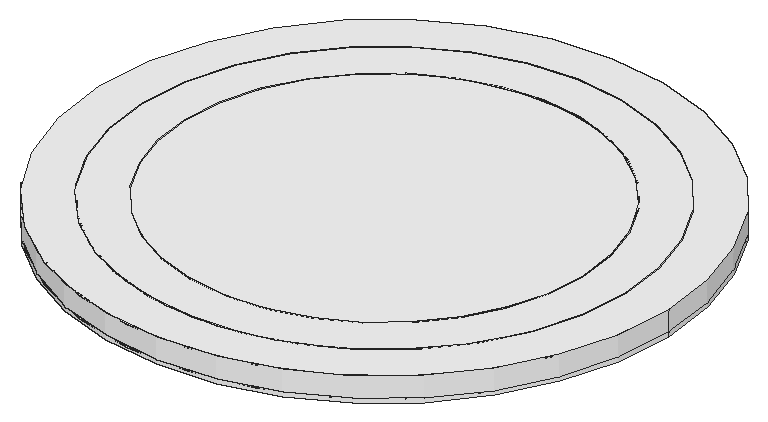
Revit family "Solar LED", category Lighting Fixtures, host Face, Revit 2016
Family settings
  Host = Face
  Part Type = Normal
  Round Connector Dimension = Use Diameter
  Cut with Voids When Loaded = Yes
  Light Source = Yes
  Shared = No
  Room Calculation Point = No
Parameters (values of type "Solar LED")
  Width = 400 mm
  Wattage Comments = ""
  Wattage = 20 W
  built-in parameter 1150110 = 1 (stored number, unit not read)
  URL = "www.southgatelighting.com"
  Type Image = <None>
  Type Comments = ""
  built-in parameter 1150109 = 1 (stored number, unit not read)
  built-in parameter 1150134 = 6
  built-in parameter 1150113 = 1 (stored number, unit not read)
  Model = "Solar LED"
  Middle Height = 280 mm
  Manufacturer = "Southgate Lighting"
  Lumens = 3000 lm
  built-in parameter 1114217 = 1 (stored number, unit not read)
  built-in parameter 1150115 = 1 (stored number, unit not read)
  built-in parameter 1150105 = 954.93 (stored number, unit not read)
  Light Source Symbol Size = 609.6 mm
  built-in parameter 1150137 = 1
  built-in parameter 1150139 = (empty or 0)
  built-in parameter 1150112 = 1 (stored number, unit not read)
  built-in parameter 1150114 = 1 (stored number, unit not read)
  Lamp = "LED"
  built-in parameter 1150132 = (empty or 0)
  built-in parameter 1150102 = (empty or 0)
  built-in parameter 1150138 = (empty or 0)
  built-in parameter 1150107 = 4000 (stored number, unit not read)
  built-in parameter 1150106 = 9.5493 (stored number, unit not read)
  Emit from Circle Diameter = 340 mm
  Emit Shape Visible in Rendering = no
  built-in parameter 1150104 = 13.935 (stored number, unit not read)
  Dimming Lamp Color Temperature Shift = <None>
  Description = "LED Surface"
  Depth = 33 mm
  Default Elevation = 1200 mm
  Color Filter = 16777215
  Classification.Uniclass.Ss.Number = ""
  Classification.Uniclass.Ss.Description = ""
  Classification.Uniclass.Pr.Number = "Pr_70_70_48_85"
  Classification.Uniclass.Pr.Description = "Surface luminaires"
  Classification.Uniclass.EF.Number = ""
  Classification.Uniclass.EF.Description = ""
  Classification.Space.Number = ""
  Classification.Space.Description = ""
  Classification.Facility.Number = ""
  Classification.Facility.Description = ""
  built-in parameter 1140040 [instance] = 1
  built-in parameter 1114218 = 1 (stored number, unit not read)
  built-in parameter 1150133 = 10 (stored number, unit not read)
  Assembly Code = "SGL/LED/4/XXXX/SOL"
  Apparent Load = 0 VA
Reference planes
  plane 1 "Center (Front/Back)": y = 0
  plane 2: z = 0
  plane 3 "Center (Left/Right)": x = 0
  plane 4: z = 33
  plane 5: z = 18.807
  plane 6: z = 15.942
Forms (mm)
  Extrusion 1, solid, material "Grey", not visible
    sketch origin (-101.981, -1076.075, 448.886) x (-1, 0, 0) y (0, -1, 0)
      loop
        line (-719.707, -50) -> (25.293, -50) -> (770.293, -50)
        arc (770.293, -50) -> (781.206, 0) -> (770.293, 50) r 120
        line (770.293, 50) -> (-719.707, 50)
        arc (-719.707, 50) -> (-730.62, 0) -> (-719.707, -50) r 120
    from 4.616 to 8.588
  Blend 2, solid, material "Grey", not visible
    base sketch origin (-101.981, -1076.075, 388.886) x (-1, 0, 0) y (0, -1, 0)
      loop
        arc (-718.038, 47) -> (-727.625, 0) -> (-718.038, -47) r 120
        line (-718.038, -47) -> (767.884, -47)
        arc (767.884, -47) -> (777.471, 0) -> (767.884, 47) r 120
        line (767.884, 47) -> (-718.038, 47)
    top sketch origin (-101.981, -1076.075, 399.076) x (-1, 0, 0) y (0, -1, 0)
      loop
        arc (737.942, -31.411) -> (742.126, 0) -> (737.942, 31.411) r 120
        line (737.942, 31.411) -> (-688.096, 31.411)
        arc (-688.096, 31.411) -> (-692.28, 0) -> (-688.096, -31.411) r 120
        line (-688.096, -31.411) -> (737.942, -31.411)
    from 68.588 to 109.191
  Blend 3, solid, material "Default New Material", not visible
    base sketch origin (-101.981, -1076.075, 388.538) x (-1, 0, 0) y (0, -1, 0)
      loop
        arc (-715.035, 42) -> (-722.625, 0) -> (-715.035, -42) r 120
        line (-715.035, -42) -> (764.881, -42)
        arc (764.881, -42) -> (772.471, 0) -> (764.881, 42) r 120
        line (764.881, 42) -> (-715.035, 42)
    top sketch origin (-101.981, -1076.075, 388.538) x (-1, 0, 0) y (0, -1, 0)
      loop
        arc (742.942, -31.411) -> (747.126, 0) -> (742.942, 31.411) r 120
        line (742.942, 31.411) -> (-693.096, 31.411)
        arc (-693.096, 31.411) -> (-697.28, 0) -> (-693.096, -31.411) r 120
        line (-693.096, -31.411) -> (742.942, -31.411)
    from 61.213 to 10.538
  Extrusion 4, solid, material "White", not visible
    sketch origin (-101.981, -1076.075, 445.136) x (-1, 0, 0) y (0, -1, 0)
      loop
        line (-718.864, -48.681) -> (25.293, -48.681) -> (769.142, -48.681)
        arc (769.142, -48.681) -> (779.455, 0.125) -> (769.031, 48.907) r 120
        line (769.031, 48.907) -> (-718.772, 48.907)
        arc (-718.772, 48.907) -> (-729.186, 0.123) -> (-718.864, -48.681) r 120
    from 4.616 to 8.366
  Extrusion 5, solid, material "Chrome", not visible
    sketch origin (-347.274, -1076.075, -3471.114) x (0, 1, 0) y (0, 0, 1)
      loop
        line (47, 3928.588) -> (50, 3928.588) -> (50, 3924.616)
        arc (50, 3924.616) -> (49.624, 3920.62) -> (48.43, 3916.788) r 19.308
        arc (48.43, 3916.788) -> (46.136, 3916.008) -> (45.107, 3918.202) r 1.817
        line (45.107, 3918.202) -> (45.796, 3920.502) -> (44.975, 3920.502) -> (44.167, 3918.602)
        arc (44.167, 3918.602) -> (45.663, 3914.891) -> (49.374, 3916.387) r 2.829
        arc (49.374, 3916.387) -> (51.291, 3925.791) -> (49.374, 3935.195) r 24.024
        line (49.374, 3935.195) -> (44.004, 3947.818) -> (41.504, 3947.818) -> (47, 3928.588)
      loop
        line (-47, 3928.588) -> (-41.504, 3947.818) -> (-44.004, 3947.818) -> (-49.374, 3935.195)
        arc (-49.374, 3935.195) -> (-51.291, 3925.791) -> (-49.374, 3916.387) r 24.024
        arc (-49.374, 3916.387) -> (-45.663, 3914.891) -> (-44.167, 3918.602) r 2.829
        line (-44.167, 3918.602) -> (-44.975, 3920.502) -> (-45.796, 3920.502) -> (-45.107, 3918.202)
        arc (-45.107, 3918.202) -> (-46.136, 3916.008) -> (-48.43, 3916.788) r 1.817
        arc (-48.43, 3916.788) -> (-49.624, 3920.62) -> (-50, 3924.616) r 19.308
        line (-50, 3924.616) -> (-50, 3928.588) -> (-47, 3928.588)
    from -10.728 to 10.71
  Extrusion 6, solid, material "Chrome", not visible
    sketch origin (-759.851, -1076.075, -3471.135) x (0, 1, 0) y (0, 0, 1)
      loop
        line (47, 3928.588) -> (50, 3928.588) -> (50, 3924.616)
        arc (50, 3924.616) -> (49.624, 3920.62) -> (48.43, 3916.788) r 19.308
        arc (48.43, 3916.788) -> (46.136, 3916.008) -> (45.107, 3918.202) r 1.817
        line (45.107, 3918.202) -> (45.796, 3920.502) -> (44.975, 3920.502) -> (44.167, 3918.602)
        arc (44.167, 3918.602) -> (45.663, 3914.891) -> (49.374, 3916.387) r 2.829
        arc (49.374, 3916.387) -> (51.291, 3925.791) -> (49.374, 3935.195) r 24.024
        line (49.374, 3935.195) -> (44.004, 3947.818) -> (41.504, 3947.818) -> (47, 3928.588)
      loop
        line (-47, 3928.588) -> (-41.504, 3947.818) -> (-44.004, 3947.818) -> (-49.374, 3935.195)
        arc (-49.374, 3935.195) -> (-51.291, 3925.791) -> (-49.374, 3916.387) r 24.024
        arc (-49.374, 3916.387) -> (-45.663, 3914.891) -> (-44.167, 3918.602) r 2.829
        line (-44.167, 3918.602) -> (-44.975, 3920.502) -> (-45.796, 3920.502) -> (-45.107, 3918.202)
        arc (-45.107, 3918.202) -> (-46.136, 3916.008) -> (-48.43, 3916.788) r 1.817
        arc (-48.43, 3916.788) -> (-49.624, 3920.62) -> (-50, 3924.616) r 19.308
        line (-50, 3924.616) -> (-50, 3928.588) -> (-47, 3928.588)
    from -10.728 to 10.71
  Extrusion 7, solid, material "Chrome", not visible
    sketch origin (502.726, -1076.075, -3471.114) x (0, 1, 0) y (0, 0, 1)
      loop
        line (47, 3928.588) -> (50, 3928.588) -> (50, 3924.616)
        arc (50, 3924.616) -> (49.624, 3920.62) -> (48.43, 3916.788) r 19.308
        arc (48.43, 3916.788) -> (46.136, 3916.008) -> (45.107, 3918.202) r 1.817
        line (45.107, 3918.202) -> (45.796, 3920.502) -> (44.975, 3920.502) -> (44.167, 3918.602)
        arc (44.167, 3918.602) -> (45.663, 3914.891) -> (49.374, 3916.387) r 2.829
        arc (49.374, 3916.387) -> (51.291, 3925.791) -> (49.374, 3935.195) r 24.024
        line (49.374, 3935.195) -> (44.004, 3947.818) -> (41.504, 3947.818) -> (47, 3928.588)
      loop
        line (-47, 3928.588) -> (-41.504, 3947.818) -> (-44.004, 3947.818) -> (-49.374, 3935.195)
        arc (-49.374, 3935.195) -> (-51.291, 3925.791) -> (-49.374, 3916.387) r 24.024
        arc (-49.374, 3916.387) -> (-45.663, 3914.891) -> (-44.167, 3918.602) r 2.829
        line (-44.167, 3918.602) -> (-44.975, 3920.502) -> (-45.796, 3920.502) -> (-45.107, 3918.202)
        arc (-45.107, 3918.202) -> (-46.136, 3916.008) -> (-48.43, 3916.788) r 1.817
        arc (-48.43, 3916.788) -> (-49.624, 3920.62) -> (-50, 3924.616) r 19.308
        line (-50, 3924.616) -> (-50, 3928.588) -> (-47, 3928.588)
    from -10.728 to 10.71
  Extrusion 8, solid, material "Chrome", not visible
    sketch origin (90.149, -1076.075, -3471.135) x (0, 1, 0) y (0, 0, 1)
      loop
        line (47, 3928.588) -> (50, 3928.588) -> (50, 3924.616)
        arc (50, 3924.616) -> (49.624, 3920.62) -> (48.43, 3916.788) r 19.308
        arc (48.43, 3916.788) -> (46.136, 3916.008) -> (45.107, 3918.202) r 1.817
        line (45.107, 3918.202) -> (45.796, 3920.502) -> (44.975, 3920.502) -> (44.167, 3918.602)
        arc (44.167, 3918.602) -> (45.663, 3914.891) -> (49.374, 3916.387) r 2.829
        arc (49.374, 3916.387) -> (51.291, 3925.791) -> (49.374, 3935.195) r 24.024
        line (49.374, 3935.195) -> (44.004, 3947.818) -> (41.504, 3947.818) -> (47, 3928.588)
      loop
        line (-47, 3928.588) -> (-41.504, 3947.818) -> (-44.004, 3947.818) -> (-49.374, 3935.195)
        arc (-49.374, 3935.195) -> (-51.291, 3925.791) -> (-49.374, 3916.387) r 24.024
        arc (-49.374, 3916.387) -> (-45.663, 3914.891) -> (-44.167, 3918.602) r 2.829
        line (-44.167, 3918.602) -> (-44.975, 3920.502) -> (-45.796, 3920.502) -> (-45.107, 3918.202)
        arc (-45.107, 3918.202) -> (-46.136, 3916.008) -> (-48.43, 3916.788) r 1.817
        arc (-48.43, 3916.788) -> (-49.624, 3920.62) -> (-50, 3924.616) r 19.308
        line (-50, 3924.616) -> (-50, 3928.588) -> (-47, 3928.588)
    from -10.728 to 10.71
  Extrusion 9, void, not visible
    sketch origin (-126.904, -1076.075, -3474.864) x (0, 1, 0) y (0, 0, 1)
      loop
        line (33.327, 3976.888) -> (38.327, 3976.888) -> (38.327, 3983.132) -> (-38.327, 3983.132) -> (-38.327, 3976.888) -> (-33.327, 3976.888)
        arc (-33.327, 3976.888) -> (-27.537, 3981.032) -> (-20.523, 3982.253) r 16
        line (-20.523, 3982.253) -> (20.523, 3982.253)
        arc (20.523, 3982.253) -> (27.537, 3981.032) -> (33.327, 3976.888) r 16
    from -735.804 to 717.985
  Extrusion 10, void, not visible
    sketch origin (-126.904, -1076.075, -3474.864) x (0, 1, 0) y (0, 0, 1)
      loop
        arc (32.288, 3878.136) -> (30.485, 3875.336) -> (27.462, 3873.941) r 5.957
        line (27.462, 3873.941) -> (0, 3873.941) -> (-27.462, 3873.941)
        arc (-27.462, 3873.941) -> (-30.485, 3875.336) -> (-32.288, 3878.136) r 5.957
        line (-32.288, 3878.136) -> (-37.288, 3878.136) -> (-37.288, 3863.136) -> (37.288, 3863.136) -> (37.288, 3878.136) -> (32.288, 3878.136)
    from -745.37 to 735.917
  Extrusion 11, solid, material "White"
    sketch origin (0, 0, 0) x (1, 0, 0) y (0, 1, 0)
      loop
        circle (0, 0) r 170
      loop
        circle (0, 0) r 200
    from 18.807 to 33
  Extrusion 12, solid, material "White"
    sketch origin (0, 0, 0) x (1, 0, 0) y (0, 1, 0)
      loop
        circle (0, 0) r 140
    from 0 to 33
  Extrusion 13, solid, material "White"
    sketch origin (0, 0, 0) x (1, 0, 0) y (0, 1, 0)
      loop
        circle (0, 0) r 140
      loop
        circle (0, 0) r 200
    from 15.942 to 18.807
  Extrusion 14, solid, material "Southgate Diffuser"
    sketch origin (0, 0, 0) x (1, 0, 0) y (0, 1, 0)
      loop
        circle (0, 0) r 140
      loop
        circle (0, 0) r 170
    from 18.807 to 33
Dimensions and locks
  "Depth": host face to plane 4
  aligned and locked: plane 2 to host face
  aligned and locked: level to host face
  aligned and locked: plane 1 "Center (Front/Back)" to imposter light
  aligned and locked: plane 4 to imposter light
  aligned and locked: plane 3 "Center (Left/Right)" to imposter light
  aligned and locked: plane 4 to Extrusion 12
  aligned and locked: plane 4 to Extrusion 14
  aligned and locked: plane 4 to Extrusion 11
  aligned and locked: Extrusion 14 to Extrusion 13
  aligned and locked: Extrusion 11 to Extrusion 13
  aligned and locked: Extrusion 13 to plane 6
  aligned and locked: plane 5 to Extrusion 13
  aligned and locked: Extrusion 12 to level
Automatic sketch dimensions
  host sketch curve to host sketch curve = 2438.4 mm  (x2)
  plane 1 "Center (Front/Back)" to Extrusion 12 sketch curve = 0 mm
  Extrusion 12 sketch curve to plane 3 "Center (Left/Right)" = 0 mm
  Extrusion 14 sketch curve to Extrusion 14 sketch curve = 0 mm  (x2)
  plane 1 "Center (Front/Back)" to Extrusion 14 sketch curve = 0 mm
  Extrusion 14 sketch curve to plane 3 "Center (Left/Right)" = 0 mm
  Extrusion 11 sketch curve to Extrusion 11 sketch curve = 0 mm  (x2)
  plane 1 "Center (Front/Back)" to Extrusion 11 sketch curve = 0 mm
  Extrusion 11 sketch curve to plane 3 "Center (Left/Right)" = 0 mm
  Extrusion 13 sketch curve to Extrusion 13 sketch curve = 0 mm  (x2)
  plane 1 "Center (Front/Back)" to Extrusion 13 sketch curve = 0 mm
  Extrusion 13 sketch curve to plane 3 "Center (Left/Right)" = 0 mm
  radius of Extrusion 12 sketch curve = 140 mm
  radius of Extrusion 14 sketch curve = 140 mm
  radius of Extrusion 14 sketch curve = 170 mm
  radius of Extrusion 11 sketch curve = 170 mm
  radius of Extrusion 11 sketch curve = 200 mm
  radius of Extrusion 13 sketch curve = 140 mm
  radius of Extrusion 13 sketch curve = 200 mm
Connectors
  electrical at (0, 0, 0)
    settings: on Extrusion 12, index 1, voltage 0 V, apparent load 0 VA, apparent load phase1 0 VA, apparent load phase2 0 VA, apparent load phase3 0 VA, power factor 1, load classification "Other", number of poles 1, system type 31, power factor state 1, is connector primary yes, connector utility no, sub classification motor no, connector description ""
